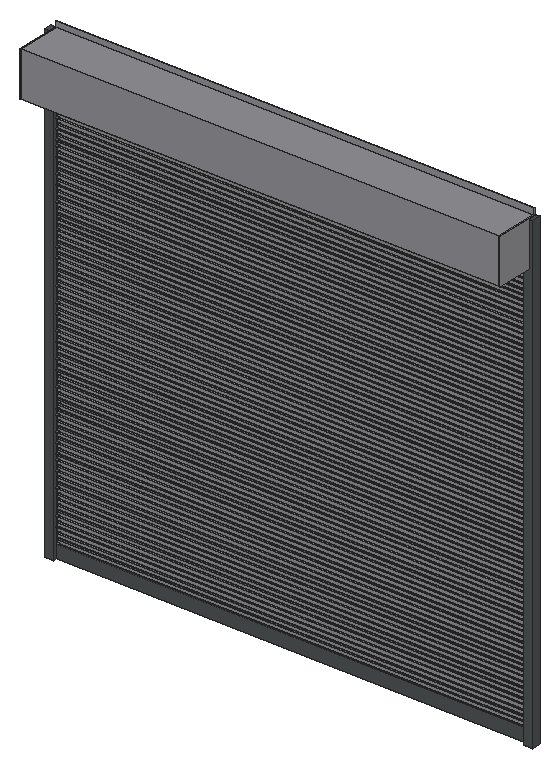
Revit family "Counter-Doors_OHD_Model-650_compact", category Specialty Equipment, host Wall, Revit 2023 (continued)
Definition of nested family "Motor"
  Forms (in)
    Extrusion 1, solid, material <- "Main Material", visible <- "Wall Mount"
      sketch origin (0, 0, 18.8898) x (1, 0, 0) y (0, 1, 0)
        loop
          line (-4.134, -2.41307) -> (4.116, -2.41307) -> (4.116, -2.29347) -> (3.108, -2.29347)
          arc (3.108, -2.29347) -> (3.02315, -2.25832) -> (2.988, -2.17347) r 0.12
          line (2.988, -2.17347) -> (2.988, 4.96193) -> (-2.988, 4.96193) -> (-2.988, -2.17347)
          arc (-2.988, -2.17347) -> (-3.02315, -2.25832) -> (-3.108, -2.29347) r 0.12
          line (-3.108, -2.29347) -> (-4.134, -2.29347) -> (-4.134, -2.41307)
      from -16.64 to 0
    Extrusion 2, solid, material <- "Main Material", visible <- "Wall Mount"
      sketch origin (0, 0, 18.8898) x (1, 0, 0) y (0, 1, 0)
        loop
          line (-4.134, -2.41307) -> (-4.134, -5.05565) -> (-4.3324, -5.05565) -> (-4.3324, -5.3122)
          arc (-4.3324, -5.3122) -> (-4.24466, -5.55085) -> (-4.02324, -5.67585) r 0.36846
          arc (-4.02324, -5.67585) -> (0, -6.0017) -> (4.02324, -5.67585) r 25
          arc (4.02324, -5.67585) -> (4.24466, -5.55085) -> (4.3324, -5.3122) r 0.36846
          line (4.3324, -5.3122) -> (4.3324, -5.05565) -> (4.116, -5.05565) -> (4.116, -2.41307) -> (-4.134, -2.41307)
      from -17 to 0.35839
    Revolve 3, solid, material <- "Main Material", visible <- "Wall Mount RSX"
      sketch origin (2.0828, 5.66524, 0) x (0, -1, 0) y (1, 0, 0)
        loop
          line (5.66524, -9.0813) -> (5.66524, 3.1162) -> (4.82413, 3.1162) -> (4.82413, 2.7162) -> (4.39283, 2.7162) -> (4.39283, 2.4872) -> (2.50257, 2.4872) -> (2.50257, -6.6585) -> (3.79863, -6.6585) -> (3.79863, -7.51105) -> (3.89778, -7.6102) -> (5.36033, -7.6102) -> (5.36033, -7.8313) -> (4.69783, -7.8313) -> (4.69783, -9.0813) -> (5.66524, -9.0813)
        axis (5.66524, -9.0813) -> (5.66524, 3.1162)
      angle from 0 to 360
    Extrusion 4, solid, material <- "Main Material", visible <- "Wall Mount"
      sketch origin (0, 0, 18.8898) x (1, 0, 0) y (0, 1, 0)
        loop
          line (-2.988, 5.08193) -> (-4.988, 5.08193) -> (-4.988, 4.96193) -> (-3.108, 4.96193) -> (-3.108, 1.46193) -> (-2.988, 1.46193) -> (-2.988, 5.08193)
        loop
          line (2.988, 5.08193) -> (2.988, 1.46193) -> (3.108, 1.46193) -> (3.108, 4.96193) -> (4.988, 4.96193) -> (4.988, 5.08193) -> (2.988, 5.08193)
      from -16.64 to 1.14
    Extrusion 5, solid, material <- "Main Material", visible <- "Wall Mount"
      sketch origin (0, 0.00141, 3.59957) x (0, 0, 1) y (0, -1, 0)
        loop
          circle (2.15043, 0.00141) r 3
      from 7.52 to 7.2495
    Sweep 6, solid, material <- "Main Material", visible <- "Wall Mount"
      path origin (7.38475, 9.53, 48) x (0, 1, 0) y (0, 0, 1)
        loop
          line (-12.53, -42.25) -> (-12.53, -128)
          arc (-12.53, -128) -> (-9.53, -131) -> (-6.53, -128) r 3
          line (-6.53, -128) -> (-6.53, -42.25)
      profile origin (7.38475, -3, -37.125) x (1, 0, 0) y (0, 1, 0)
        loop
          circle (0, 0.1) r 0.1
    Extrusion 7, solid, material <- "Main Material", visible <- "Wall Mount"
      sketch origin (0, 0.00141, 3.59957) x (0, 0, 1) y (0, -1, 0)
        loop
          circle (2.15043, 0.00141) r 0.4
      from 8.82 to 0
    Extrusion 8, solid, material <- "Hood Material", visible <- "CDX"
      sketch origin (2.988, 0, 5.75) x (0, -1, 0) y (1, 0, 0)
        loop
          line (12, -10.57168) -> (12, 2.55332) -> (-4.7, 2.55332) -> (-4.7, 0.0015) -> (2, 0.0015) -> (2, -10.57168) -> (12, -10.57168)
      from 4.88 to -4.88
    Extrusion 9, solid, material <- "Main Material", visible <- "Crank"
      sketch origin (2.9895, 5.75, 5.75) x (0, 0, -1) y (0, -1, 0)
        loop
          line (-1.66535, -2.15748) -> (1.66535, -2.15748)
          arc (1.66535, -2.15748) -> (2.01891, -2.01103) -> (2.16535, -1.65748) r 0.5
          line (2.16535, -1.65748) -> (2.16535, 0.00787)
          arc (2.16535, 0.00787) -> (1.99476, 0.85032) -> (1.50984, 1.56001) r 2.16535
          line (1.50984, 1.56001) -> (1.50984, 2.29685)
          arc (1.50984, 2.29685) -> (1.43662, 2.47363) -> (1.25984, 2.54685) r 0.25
          line (1.25984, 2.54685) -> (0.24999, 3.12987)
          arc (0.24999, 3.12987) -> (0, 3.19685) -> (-0.24999, 3.12987) r 0.5
          line (-0.24999, 3.12987) -> (-1.25984, 2.54685)
          arc (-1.25984, 2.54685) -> (-1.43662, 2.47363) -> (-1.50984, 2.29685) r 0.25
          line (-1.50984, 2.29685) -> (-1.50984, 1.56001)
          arc (-1.50984, 1.56001) -> (-1.99476, 0.85032) -> (-2.16535, 0.00787) r 2.16535
          line (-2.16535, 0.00787) -> (-2.16535, -1.65748)
          arc (-2.16535, -1.65748) -> (-2.01891, -2.01103) -> (-1.66535, -2.15748) r 0.5
      from 0 to -0.5
    Extrusion 10, solid, material <- "Main Material", visible <- "Crank"
      sketch origin (2.9895, 5.75, 5.75) x (0, 0, -1) y (0, -1, 0)
        loop
          line (1.50984, 1.56001) -> (1.50984, 2.29685)
          arc (1.50984, 2.29685) -> (1.43662, 2.47363) -> (1.25984, 2.54685) r 0.25
          line (1.25984, 2.54685) -> (-1.25984, 2.54685)
          arc (-1.25984, 2.54685) -> (-1.43662, 2.47363) -> (-1.50984, 2.29685) r 0.25
          line (-1.50984, 2.29685) -> (-1.50984, 1.56001)
          arc (-1.50984, 1.56001) -> (0, -2.15748) -> (1.50984, 1.56001) r 2.16535
      from 0 to -2
    Extrusion 11, solid, material <- "Main Material", visible <- "Crank"
      sketch origin (2.9895, 4.76161, 5.75) x (0, 1, 0) y (-1, 0, 0)
        loop
          circle (-0.94004, -1.01792) r 0.24
      from 1.5 to -10.5
    Extrusion 12, solid, material <- "Main Material", visible <- "Crank"
      sketch origin (2.9895, 5.75, 5.75) x (0, 1, 0) y (0, 0, -1)
        loop
          line (-2.04434, 10.46875) -> (-1.81142, 10.46875)
          arc (-1.81142, 10.46875) -> (-1.63464, 10.54197) -> (-1.56142, 10.71875) r 0.25
          line (-1.56142, 10.71875) -> (-1.56142, 11.53125)
          arc (-1.56142, 11.53125) -> (-1.63464, 11.70803) -> (-1.81142, 11.78125) r 0.25
          line (-1.81142, 11.78125) -> (-2.04434, 11.78125)
          arc (-2.04434, 11.78125) -> (-2.22112, 11.70803) -> (-2.29434, 11.53125) r 0.25
          line (-2.29434, 11.53125) -> (-2.29434, 10.71875)
          arc (-2.29434, 10.71875) -> (-2.22112, 10.54197) -> (-2.04434, 10.46875) r 0.25
      from -1.26284 to -0.77978
    Extrusion 13, solid, not visible
      sketch origin (2.9895, -24.70572, 48) x (0, -1, 0) y (0, 0, 1)
        loop
          circle (-30.45572, -42.25) r 0.5
      from 0.5 to 0 <- "Connector MP"
  Cuts and joins
    joined: Extrusion 9, Extrusion 10, Extrusion 11
  Lines and regions (in)
    Masking region 1, visible <- "CDX"
      outline origin (0, 0, 0) x (1, 0, 0) y (0, 1, 0)
        loop
          line (-7.58368, -2) -> (-7.58368, -12) -> (5.54132, -12) -> (5.54132, 4.7) -> (2.9895, 4.7) -> (2.9895, -2) -> (-7.58368, -2)
    Masking region 2, visible <- "Crank"
      outline origin (2.9895, 5.75, 5.75) x (0, 1, 0) y (-1, 0, 0)
        loop
          line (2.15748, 0) -> (-3.1963, 0) -> (-3.1963, -0.5) -> (-2.54685, -0.5) -> (-2.54685, -2) -> (2.15748, -2) -> (2.15748, 0)
    reference lines
      curve 1: line (0, 0, 0) -> (0, 0, 18.8898)
      curve 2: line (2.9895, 5.75, 5.75) -> (2.9895, 6.5, 5.75)
    symbolic lines, visible <- "Crank"
      curve 3: line (2.9895, 4.18999, 5.75) -> (4.9895, 4.18999, 5.75)
      curve 4: line (2.9895, 3.20315, 5.75) -> (3.4895, 3.20315, 5.75)
  Dimensions and locks (in)
    Extrusion 4 sketch curve to Extrusion 4 sketch curve = 3.62"
    locked: Extrusion 4 sketch curve to Extrusion 4 sketch curve at 0.12  (x3)
    "Chain H Offset": plane 4 to plane 5
    locked: plane 7 to plane 6 at 30
    locked: Sweep 6 sketch curve to profile plane at 0
    locked: profile plane to Sweep 6 sketch curve at 0.1
    locked: Sweep 6 sketch curve to Sweep 6 sketch curve at 6
    "Floor To Cl Shaft": plane 8 to plane 6
    "Horizontal Mount": plane 1 "Center (Front/Back)" to plane 11
    "Top Option Offset": level to plane 12
    "Chain V Offset": plane 9 "Chain Hoist" to plane 12
    equal spacing: Sweep 6 sketch curve, plane 5, Sweep 6 sketch curve
    "Vertical Mount": plane 10 "Top Of Hood" to plane 12
    locked: Extrusion 2 sketch curve to Extrusion 2 sketch curve at 8.25
    locked: Extrusion 2 sketch curve to Extrusion 2 sketch curve at 2.64258
    locked: plane 3 "Center (Left/Right)" to plane 14 at 7.2495
    "Hood Mount": plane 13 "Hood Face" to plane 14
    "Hood Width Real": plane 11 to plane 15
    "Real Exterior Wall Offset": plane 15 to plane 16 "Wall"
    Revolve 3 sketch curve to Revolve 3 sketch curve to Revolve 3 sketch curve to Revolve 3 sketch curve to Revolve 3 sketch curve to Revolve 3 sketch curve to Revolve 3 sketch curve = 1 1/4" locked, 0.2211" locked, 0.9517" locked, 9.1457" locked, 0.229" locked, 0.4" locked
    Revolve 3 sketch curve to Revolve 3 sketch curve to Revolve 3 sketch curve to Revolve 3 sketch curve to Revolve 3 sketch curve to Revolve 3 sketch curve to Revolve 3 sketch curve to Revolve 3 sketch curve = 0.30491" locked, 0.53619" locked, 0.12631" locked, 0.305" locked, 0.49505" locked, 0.09915" locked, 1.29606" locked
    locked: Extrusion 1 sketch curve to Extrusion 1 sketch curve at 0.1196
    locked: Extrusion 1 sketch curve to Extrusion 1 sketch curve at 5.976
    equal spacing: Extrusion 1 sketch curve, curve 1, Extrusion 1 sketch curve
    locked: curve 1 to Extrusion 1 sketch curve at 2.41307
    locked: Extrusion 1 sketch curve to Extrusion 1 sketch curve at 7.375
    equal spacing: Extrusion 4 sketch curve, curve 1, Extrusion 4 sketch curve
    locked: Extrusion 4 sketch curve to curve 1 at 1.46193
    locked: Revolve 3 sketch curve to plane 3 "Center (Left/Right)" at 4.5757
    locked: Extrusion 4 sketch curve to Extrusion 4 sketch curve at 5.976
    locked: Extrusion 4 sketch curve to Extrusion 4 sketch curve at 2
    locked: Extrusion 4 sketch curve to Extrusion 4 sketch curve at 1.88
    locked: Extrusion 1 sketch curve to Extrusion 1 sketch curve at 1.128
    locked: Extrusion 1 sketch curve to Extrusion 1 sketch curve at 1.146
    locked: curve 1 to Extrusion 2 sketch curve at 2.41307
    locked: Extrusion 8 sketch curve to Extrusion 8 sketch curve at 13.125
    locked: Extrusion 8 sketch curve to Extrusion 8 sketch curve at 2.55182
    locked: Extrusion 8 sketch curve to Extrusion 8 sketch curve at 16.7
    locked: Extrusion 8 sketch curve to curve 1 at 2
    locked: Extrusion 8 sketch curve to Extrusion 8 sketch curve at 10
    equal spacing: plane 1 "Center (Front/Back)", plane 17, plane 15
    "Hood Height": plane 10 "Top Of Hood" to plane 18
    equal spacing: plane 10 "Top Of Hood", plane 19, plane 18
    locked: curve 2 to curve 2 at 0.75
    "Connector VP": plane 10 "Top Of Hood" to Extrusion 13 sketch curve
    "Connector HP": Extrusion 13 sketch curve to plane 16 "Wall"
    radius of Extrusion 5 sketch curve = 3"
    radius of Sweep 6 sketch curve = 3"
    radius of Sweep 6 sketch curve = 0.1"
    radius of Extrusion 7 sketch curve = 0.4"
    radius of Extrusion 2 sketch curve = 0.36846"  (x2)
    radius of Extrusion 1 sketch curve = 0.12"  (x2)
    radius of Extrusion 2 sketch curve = 25"
    "Angle": angle curve 1 to plane 1 "Center (Front/Back)"
    angle Extrusion 2 sketch curve to Extrusion 2 sketch curve = 90.00°
    locked: Extrusion 2 sketch curve to Extrusion 2 sketch curve (angle 90.00°)
    aligned and locked: plane 2 to level
    aligned and locked: Revolve 3 sketch curve to Revolve 3 sketch curve
    aligned and locked: plane 1 "Center (Front/Back)" to curve 1
    aligned and locked: level to curve 1
    aligned and locked: plane 1 "Center (Front/Back)" to plane 4
    aligned and locked: Extrusion 4 sketch curve to Extrusion 4 sketch curve  (x3)
    aligned and locked: plane 7 to Sweep 6 sketch curve  (x2)
    aligned and locked: plane 8 to Sweep 6 sketch curve  (x2)
    aligned and locked: plane 5 to Extrusion 5 sketch curve
    aligned and locked: plane 9 "Chain Hoist" to Extrusion 5 sketch curve
    aligned and locked: plane 5 to Extrusion 7 sketch curve
    aligned and locked: plane 9 "Chain Hoist" to Extrusion 7 sketch curve
    aligned and locked: plane 8 to plane 9 "Chain Hoist"
    aligned and locked: Extrusion 2 sketch curve to Extrusion 2 sketch curve
    aligned and locked: Extrusion 1 sketch curve to Extrusion 1 sketch curve
    aligned and locked: plane 4 to nested 1
    aligned and locked: plane 3 "Center (Left/Right)" to nested 1
    aligned and locked: Masking region 1 sketch curve to Extrusion 8  (x6)
    aligned and locked: Extrusion 8 sketch curve to plane 13 "Hood Face"
    aligned and locked: plane 17 to curve 2
    aligned and locked: curve 2 to plane 19
  Automatic sketch dimensions
    plane 1 "Center (Front/Back)" to Revolve 3 sketch curve = 0"
    Revolve 3 sketch curve to Revolve 3 sketch curve = 0.09915"
    Revolve 3 sketch curve to Revolve 3 sketch curve = 4.7892"
    Revolve 3 sketch curve to plane 14 = 1.9628"
    Extrusion 2 sketch curve to plane 3 "Center (Left/Right)" = 0"
    Extrusion 2 sketch curve to Extrusion 2 sketch curve = 0.1984"
    Extrusion 2 sketch curve to Extrusion 2 sketch curve = 0.15206"
    Extrusion 2 sketch curve to Extrusion 2 sketch curve = 0.25654"
    Extrusion 2 sketch curve to Extrusion 2 sketch curve = 0"  (x2)
    Extrusion 2 sketch curve to Extrusion 2 sketch curve = 0.0593"
    Extrusion 9 sketch curve to Extrusion 9 sketch curve = 0"  (x2)
    curve 2 to Extrusion 9 sketch curve = 0"  (x2)
    curve 2 to Extrusion 9 sketch curve = 1/4"
    Extrusion 9 sketch curve to Extrusion 9 sketch curve = 1.00985"  (x2)
    Extrusion 9 sketch curve to Extrusion 9 sketch curve = 1/4"  (x2)
    Extrusion 9 sketch curve to curve 2 = 1.66535"
    Extrusion 9 sketch curve to Extrusion 9 sketch curve = 1/2"
    Extrusion 9 sketch curve to curve 2 = 1/4"
    curve 2 to Extrusion 9 sketch curve = 1.66535"
    curve 2 to Extrusion 9 sketch curve = 2.16535"
    Extrusion 9 sketch curve to curve 2 = 1.40748"
    curve 2 to Extrusion 9 sketch curve = 0.00787"
    Extrusion 9 sketch curve to Extrusion 9 sketch curve = 0.73684"  (x2)
    Extrusion 9 sketch curve to Extrusion 9 sketch curve = 0.15"
    Extrusion 9 sketch curve to Extrusion 9 sketch curve = 0.43302"
    curve 2 to Extrusion 10 sketch curve = 0"
    curve 2 to Extrusion 10 sketch curve = 1.25984"
    Extrusion 10 sketch curve to Extrusion 10 sketch curve = 1/4"  (x2)
    Extrusion 10 sketch curve to curve 2 = 1.25984"
    curve 2 to Extrusion 10 sketch curve = 0.00787"
    curve 2 to Extrusion 10 sketch curve = 1.56001"
    Extrusion 10 sketch curve to Extrusion 10 sketch curve = 0.73684"
    Extrusion 10 sketch curve to Extrusion 10 sketch curve = 0"
    Extrusion 11 sketch curve to curve 2 = 1.92843"
    Extrusion 11 sketch curve to curve 2 = 1.01792"
    Extrusion 12 sketch curve to curve 2 = 2.29434"
    Extrusion 12 sketch curve to Extrusion 12 sketch curve = 1/4"  (x3)
    Extrusion 12 sketch curve to Extrusion 12 sketch curve = 0.23293"  (x2)
    curve 2 to Extrusion 12 sketch curve = 10 15/32"
    Extrusion 12 sketch curve to Extrusion 12 sketch curve = 13/16"
    Masking region 2 sketch curve to curve 2 = 0"
    Masking region 2 sketch curve to curve 2 = 2.54685"
    curve 2 to Masking region 2 sketch curve = 1.40748"
    curve 2 to Masking region 2 sketch curve = 1/2"
    Masking region 2 sketch curve to Masking region 2 sketch curve = 0.64945"
    Masking region 2 sketch curve to Masking region 2 sketch curve = 1 1/2"
    curve 4 to curve 2 = 0"
    curve 3 to curve 2 = 0"
    curve 4 to curve 2 = 2.54685"
    curve 3 to curve 2 = 1.56001"
    curve 2 to curve 4 = 1/2"
    curve 3 to curve 2 = 2"
    radius of Extrusion 11 sketch curve = 0.24"
    radius of Extrusion 13 sketch curve = 1/2"
  Nested families (in)
    nested 1: "2D_NotScalableMain_29e791da-3db9-4234-ab15-44456784202b" at (0, 0, 0), type "Default"
      with Wall Mount RMX no, Wall Mount no
  Definition of nested family "2D_NotScalableMain_29e791da-3db9-4234-ab15-44456784202b"
    Parameters (values of type "Default")
      Wall Mount RMX = yes
      Wall Mount RSX = no
      Wall Mount = yes
    Reference planes (in)
      plane 1 "Center (Front/Back)": y = 0
      plane 2: z = 0
      plane 3 "Center (Left/Right)": x = 0
    Lines and regions (in)
      Masking region 1, in view "Ref. Level", visible <- "Wall Mount RSX"
        outline origin (0, 0, 0) x (1, 0, 0) y (0, 1, 0)
          loop
            line (-6.9985, -0.96741) -> (-5.7485, -0.96741) -> (-5.7485, -0.30491) -> (-5.5274, -0.30491) -> (-5.5274, -1.76746) -> (-5.42825, -1.86661) -> (-4.5757, -1.86661) -> (-4.5757, -3.22517) -> (-4.134, -3.22517) -> (-4.134, -5.05565) -> (-4.3324, -5.05565) -> (-4.3324, -5.3122)
            arc (-4.3324, -5.3122) -> (-4.24466, -5.55085) -> (-4.02324, -5.67585) r 0.36846
            arc (-4.02324, -5.67585) -> (0, -6.0017) -> (4.02324, -5.67585) r 25
            arc (4.02324, -5.67585) -> (4.24466, -5.55085) -> (4.3324, -5.3122) r 0.36846
            line (4.3324, -5.3122) -> (4.3324, -5.05565) -> (4.116, -5.05565) -> (4.116, -3.22517) -> (4.57, -3.22517) -> (4.57, -1.27241) -> (4.799, -1.27241) -> (4.799, -0.84111) -> (5.199, -0.84111) -> (5.199, 0.77483) -> (7.2495, 0.77483) -> (7.2495, -1.81) -> (7.52, -1.81) -> (7.52, 0.79) -> (8.82, 0.79) -> (8.82, 1.59) -> (7.52, 1.59) -> (7.52, 4.19) -> (7.2495, 4.19) -> (7.2495, 1.59) -> (4.57, 1.59) -> (4.57, 3.22517) -> (3.108, 3.22517) -> (3.108, 4.96193) -> (4.988, 4.96193) -> (4.988, 5.08193) -> (2.988, 5.08193) -> (2.988, 4.96193) -> (-2.988, 4.96193) -> (-2.988, 5.08193) -> (-4.988, 5.08193) -> (-4.988, 4.96193) -> (-3.108, 4.96193) -> (-3.108, 3.22517) -> (-4.5757, 3.22517) -> (-4.5757, 1.86661) -> (-5.42825, 1.86661) -> (-5.5274, 1.76746) -> (-5.5274, 0.30491) -> (-5.7485, 0.30491) -> (-5.7485, 0.96741) -> (-6.9985, 0.96741) -> (-6.9985, -0.96741)
      Masking region 2, in view "Ref. Level", visible <- "Wall Mount"
        outline origin (0, 0, 0) x (1, 0, 0) y (0, 1, 0)
          loop
            line (-4.988, 4.96193) -> (-3.108, 4.96193) -> (-3.108, 1.46193) -> (-2.988, 1.46193) -> (-2.988, 5.08193) -> (-4.988, 5.08193) -> (-4.988, 4.96193)
          loop
            line (2.988, 1.46193) -> (3.108, 1.46193) -> (3.108, 4.96193) -> (4.988, 4.96193) -> (4.988, 5.08193) -> (2.988, 5.08193) -> (2.988, 1.46193)
      Masking region 3, in view "Ref. Level", visible <- "Wall Mount RMX"
        outline origin (0, 0, 0) x (1, 0, 0) y (0, 1, 0)
          loop
            line (-2.988, 4.96193) -> (-2.988, -2.17347)
            arc (-2.988, -2.17347) -> (-3.02315, -2.25832) -> (-3.108, -2.29347) r 0.12
            line (-3.108, -2.29347) -> (-4.134, -2.29347) -> (-4.134, -5.05565) -> (-4.3324, -5.05565) -> (-4.3324, -5.3122)
            arc (-4.3324, -5.3122) -> (-4.24466, -5.55085) -> (-4.02324, -5.67585) r 0.36846
            arc (-4.02324, -5.67585) -> (0, -6.0017) -> (4.02324, -5.67585) r 25
            arc (4.02324, -5.67585) -> (4.24466, -5.55085) -> (4.3324, -5.3122) r 0.36846
            line (4.3324, -5.3122) -> (4.3324, -5.05565) -> (4.116, -5.05565) -> (4.116, -2.29347) -> (3.108, -2.29347)
            arc (3.108, -2.29347) -> (3.02315, -2.25832) -> (2.988, -2.17347) r 0.12
            line (2.988, -2.17347) -> (2.988, 0.77483) -> (7.2495, 0.77483) -> (7.2495, -1.81) -> (7.52, -1.81) -> (7.52, 0.79) -> (8.82, 0.79) -> (8.82, 1.59) -> (7.52, 1.59) -> (7.52, 4.19) -> (7.2495, 4.19) -> (7.2495, 1.59) -> (3.108, 1.59) -> (3.108, 1.46193) -> (2.988, 1.46193) -> (2.988, 4.96193) -> (-2.988, 4.96193)
      reference lines, in view "Ref. Level"
        curve 1: line (0, 0, 0) -> (0, 0.125, 0)
        curve 2: line (0, 0, 0) -> (0.125, 0, 0)
      detail lines, in view "Ref. Level", visible <- "Wall Mount"
        curve 3: line (7.2495, 4.19, 0) -> (7.2495, -1.81, 0)
        curve 4: line (7.52, 4.19, 0) -> (7.52, -1.81, 0)
        curve 5: line (-4.134, -2.29347, 0) -> (-4.134, -5.05565, 0)
        curve 6: line (4.116, -2.29347, 0) -> (4.116, -5.05565, 0)
        curve 7: line (-4.134, -2.41307, 0) -> (4.116, -2.41307, 0)
        curve 8: line (4.116, -2.29347, 0) -> (3.108, -2.29347, 0)
        curve 9: line (2.988, -2.17347, 0) -> (2.988, 4.96193, 0)
        curve 10: line (2.988, 4.96193, 0) -> (-2.988, 4.96193, 0)
        curve 11: line (-2.988, 4.96193, 0) -> (-2.988, -2.17347, 0)
        curve 12: arc (-2.988, -2.17347, 0) -> (-3.02315, -2.25832, 0) -> (-3.108, -2.29347, 0) r 0.12
        curve 13: arc (3.108, -2.29347, 0) -> (3.02315, -2.25832, 0) -> (2.988, -2.17347, 0) r 0.12
        curve 21: line (-4.134, -2.29347, 0) -> (-3.108, -2.29347, 0)
      detail lines, in view "Ref. Level", not visible
        curve 14: line (4.57, -3.22517, 0) -> (4.57, 0.77483, 0)
        curve 15: line (4.799, -1.27241, 0) -> (4.799, 0.77483, 0)
      detail lines, in view "Ref. Level", visible <- "Wall Mount RSX"
        curve 16: line (5.199, -0.84111, 0) -> (5.199, 0.77483, 0)
        curve 17: line (-4.5757, -3.22517, 0) -> (-4.5757, 3.22517, 0)
        curve 18: line (-5.42825, -1.86661, 0) -> (-5.42825, 1.86661, 0)
        curve 19: line (-5.5274, 1.76746, 0) -> (-5.5274, -1.76746, 0)
        curve 20: line (-5.7485, -0.96741, 0) -> (-5.7485, 0.96741, 0)
        curve 22: line (5.199, 0.77483, 0) -> (2.988, 0.77483, 0)
        curve 23: line (4.57, 1.59, 0) -> (3.108, 1.59, 0)
        curve 24: line (-4.5757, -3.22517, 0) -> (-4.5757, 3.22517, 0)
        curve 25: line (-5.42825, 1.86661, 0) -> (-5.42825, -1.86661, 0)
        curve 26: line (-5.5274, 1.76746, 0) -> (-5.5274, -1.76746, 0)
        curve 27: line (-5.7485, -0.96741, 0) -> (-5.7485, 0.96741, 0)
        curve 28: line (4.57, 3.22517, 0) -> (4.57, 1.59, 0)
        curve 29: line (4.799, 0.77483, 0) -> (4.799, -1.22759, 0)
    Dimensions and locks (in)
      curve 1 to curve 1 = 1/8"
      curve 2 to curve 2 = 1/8"
      aligned and locked: plane 1 "Center (Front/Back)" to curve 1
      aligned and locked: plane 3 "Center (Left/Right)" to curve 1
      aligned and locked: plane 1 "Center (Front/Back)" to curve 2
Definition of nested family "Label Annotation 1"
  Parameters (values of type "Label Annotation 1-8")
    Label = "Area is too big. Please reduce Door Size."
  Reference planes (in)
    plane 1: y = 0
    plane 2: x = 0
  Text (in)
    label "Label" at (0.00375, -0.00345, 0), shows "Label"
Definition of nested family "Warning Sign"
  Parameters (values of type "Warning Sign")
    Warning Sign [instance] = no
    Default Elevation = 48"
  Reference planes (in)
    plane 1 "Center (Front/Back)": y = 0
    plane 2: z = 0
    plane 3 "Center (Left/Right)": x = 0
    plane 4: y = 0.5
    plane 5: y = -0.5
    plane 6: y = 1
    plane 7: y = 0.25
  Lines and regions (in)
    model lines
      curve 1: line (-2.26129, 1, 45.69444) -> (-26.3817, 1, 3.91667)
      curve 2: line (-25.25106, 1, 3.26389) -> (-1.13064, 1, 45.04167)
      curve 3: arc (2.26129, 1, 45.69444) -> (0, 1, 47) -> (-2.26129, 1, 45.69444) r 2.61111
      curve 4: arc (-1.13064, 1, 45.04167) -> (0, 1, 45.69444) -> (1.13064, 1, 45.04167) r 1.30556
      curve 5: line (1.13064, 1, 45.04167) -> (25.25106, 1, 3.26389)
      curve 6: line (26.3817, 1, 3.91667) -> (2.26129, 1, 45.69444)
      curve 7: arc (25.25106, 1, 3.26389) -> (25.25106, 1, 1.95833) -> (24.12041, 1, 1.30556) r 1.30556
      curve 8: arc (24.12041, 1, 0) -> (26.3817, 1, 1.30556) -> (26.3817, 1, 3.91667) r 2.61111
      curve 9: line (24.12041, 1, 1.30556) -> (-24.12041, 1, 1.30556)
      curve 10: line (-24.12041, 1, 0) -> (24.12041, 1, 0)
      curve 11: arc (-24.12041, 1, 1.30556) -> (-25.25106, 1, 1.95833) -> (-25.25106, 1, 3.26389) r 1.30556
      curve 12: arc (-26.3817, 1, 3.91667) -> (-26.3817, 1, 1.30556) -> (-24.12041, 1, 0) r 2.61111
      curve 13: arc (-2.29479, 1, 8.63537) -> (0, 1, 6.34057) -> (2.29479, 1, 8.63537) r 2.29479
      curve 14: arc (2.29479, 1, 8.63537) -> (0, 1, 10.93016) -> (-2.29479, 1, 8.63537) r 2.29479
      curve 15: arc (-1.6331, 1, 13.97069) -> (0.03439, 1, 12.53727) -> (1.69278, 1, 13.98121) r 1.68043
      curve 16: line (-3.77413, 1, 28.37873) -> (-1.6331, 1, 13.97069)
      curve 17: line (1.69278, 1, 13.98121) -> (3.73924, 1, 28.37873)
      curve 18: arc (3.73924, 1, 28.37873) -> (-0.01745, 1, 32.13541) -> (-3.77413, 1, 28.37873) r 3.75668
      curve 19: line (-2.26129, -0.5, 45.69444) -> (-26.3817, -0.5, 3.91667)
      curve 20: line (-25.25106, -0.5, 3.26389) -> (-1.13064, -0.5, 45.04167)
      curve 21: arc (2.26129, -0.5, 45.69444) -> (0, -0.5, 47) -> (-2.26129, -0.5, 45.69444) r 2.61111
      curve 22: arc (-1.13064, -0.5, 45.04167) -> (0, -0.5, 45.69444) -> (1.13064, -0.5, 45.04167) r 1.30556
      curve 23: line (1.13064, -0.5, 45.04167) -> (25.25106, -0.5, 3.26389)
      curve 24: line (26.3817, -0.5, 3.91667) -> (2.26129, -0.5, 45.69444)
      curve 25: arc (25.25106, -0.5, 3.26389) -> (25.25106, -0.5, 1.95833) -> (24.12041, -0.5, 1.30556) r 1.30556
      curve 26: arc (24.12041, -0.5, 0) -> (26.3817, -0.5, 1.30556) -> (26.3817, -0.5, 3.91667) r 2.61111
      curve 27: line (24.12041, -0.5, 1.30556) -> (-24.12041, -0.5, 1.30556)
      curve 28: line (-24.12041, -0.5, 0) -> (24.12041, -0.5, 0)
      curve 29: arc (-24.12041, -0.5, 1.30556) -> (-25.25106, -0.5, 1.95833) -> (-25.25106, -0.5, 3.26389) r 1.30556
      curve 30: arc (-26.3817, -0.5, 3.91667) -> (-26.3817, -0.5, 1.30556) -> (-24.12041, -0.5, 0) r 2.61111
      curve 31: arc (-2.29479, -0.5, 8.63537) -> (0, -0.5, 6.34057) -> (2.29479, -0.5, 8.63537) r 2.29479
      curve 32: arc (2.29479, -0.5, 8.63537) -> (0, -0.5, 10.93016) -> (-2.29479, -0.5, 8.63537) r 2.29479
      curve 33: arc (-1.6331, -0.5, 13.97069) -> (0.03439, -0.5, 12.53727) -> (1.69278, -0.5, 13.98121) r 1.68043
      curve 34: line (-3.77413, -0.5, 28.37873) -> (-1.6331, -0.5, 13.97069)
      curve 35: line (1.69278, -0.5, 13.98121) -> (3.73924, -0.5, 28.37873)
      curve 36: arc (3.73924, -0.5, 28.37873) -> (-0.01745, -0.5, 32.13541) -> (-3.77413, -0.5, 28.37873) r 3.75668
  Dimensions and locks (in)
    locked: plane 1 "Center (Front/Back)" to plane 4 at 0.5
    equal spacing: plane 1 "Center (Front/Back)", plane 7, plane 4
    locked: plane 4 to plane 6 at 0.5
    locked: plane 5 to plane 1 "Center (Front/Back)" at 0.5
    aligned and locked: plane 2 to level
  Automatic sketch dimensions
    curve 21 to curve 22 = 0"  (x2)
    curve 25 to curve 26 = 0"  (x2)
    curve 29 to curve 30 = 0"  (x2)
    curve 31 to curve 32 = 0"  (x2)
    curve 21 to plane 3 "Center (Left/Right)" = 0"
    curve 31 to plane 3 "Center (Left/Right)" = 0"
    curve 30 to level = 0"
    level to curve 27 = 1.30556"
    curve 26 to curve 27 = 1.30556"
    curve 29 to curve 27 = 1.30556"
    curve 23 to curve 25 = 0.65278"
    curve 20 to curve 29 = 0.65278"
    curve 24 to curve 23 = 0.65278"
    curve 19 to curve 20 = 0.65278"
    level to curve 32 = 8.63537"
    curve 34 to plane 3 "Center (Left/Right)" = 1.6331"
    curve 34 to curve 31 = 5.33532"
    plane 3 "Center (Left/Right)" to curve 35 = 1.69278"
    curve 35 to curve 34 = 0.01052"
    plane 3 "Center (Left/Right)" to curve 33 = 0.02908"
    curve 36 to plane 3 "Center (Left/Right)" = 0.01745"
    curve 36 to curve 33 = 14.16104"
    curve 22 to curve 36 = 16.01016"
    plane 3 "Center (Left/Right)" to curve 23 = 1.13064"
    curve 23 to curve 21 = 0.65278"
    curve 20 to plane 3 "Center (Left/Right)" = 1.13064"
    plane 3 "Center (Left/Right)" to curve 24 = 2.26129"
    curve 24 to curve 22 = 0.65278"
    curve 19 to plane 3 "Center (Left/Right)" = 2.26129"
    curve 34 to curve 36 = 3.75668"
    curve 30 to plane 3 "Center (Left/Right)" = 24.12041"
    plane 3 "Center (Left/Right)" to curve 25 = 24.12041"
    curve 31 to curve 31 = 2.29479"
    curve 3 to curve 4 = 0"  (x2)
    curve 7 to curve 8 = 0"  (x2)
    curve 11 to curve 12 = 0"  (x2)
    curve 13 to curve 14 = 0"  (x2)
    curve 3 to plane 3 "Center (Left/Right)" = 0"
    curve 13 to plane 3 "Center (Left/Right)" = 0"
    curve 12 to level = 0"
    level to curve 9 = 1.30556"
    curve 8 to curve 9 = 1.30556"
    curve 11 to curve 9 = 1.30556"
    curve 5 to curve 7 = 0.65278"
    curve 2 to curve 11 = 0.65278"
    curve 6 to curve 5 = 0.65278"
    curve 1 to curve 2 = 0.65278"
    level to curve 14 = 8.63537"
    curve 16 to plane 3 "Center (Left/Right)" = 1.6331"
    curve 16 to curve 13 = 5.33532"
    plane 3 "Center (Left/Right)" to curve 17 = 1.69278"
    curve 17 to curve 16 = 0.01052"
    plane 3 "Center (Left/Right)" to curve 15 = 0.02908"
    curve 18 to plane 3 "Center (Left/Right)" = 0.01745"
    curve 18 to curve 15 = 14.16104"
    curve 4 to curve 18 = 16.01016"
    plane 3 "Center (Left/Right)" to curve 5 = 1.13064"
    curve 5 to curve 3 = 0.65278"
    curve 2 to plane 3 "Center (Left/Right)" = 1.13064"
    plane 3 "Center (Left/Right)" to curve 6 = 2.26129"
    curve 6 to curve 4 = 0.65278"
    curve 1 to plane 3 "Center (Left/Right)" = 2.26129"
    curve 16 to curve 18 = 3.75668"
    curve 12 to plane 3 "Center (Left/Right)" = 24.12041"
    plane 3 "Center (Left/Right)" to curve 7 = 24.12041"
    curve 13 to curve 13 = 2.29479"
Types (9): name | Voltage | Operator Visibility | Number of Poles | Frequency | Electric Operator | Crank | Manual | Current | Connector Array | Apparent Load Phase 3 | Apparent Load Phase 2 | Apparent Load Phase 1
  115 volts, one phase, 60 Hz (110-120V range) | 115 V | yes | 1 | 60 Hz | yes | no | no | 20 A | 3 | 0 VA | 0 VA | 2300 VA
  ‏​Manual push-up | 0 V | no | 1 | 0 Hz | no | no | yes | 0 A | 2 | 0 VA | 0 VA | 0 VA
  230 volts, three phase, 60 Hz (208-245V range) | 230 V | yes | 3 | 60 Hz | yes | no | no | 20 A | 3 | 2655.81 VA | 2655.81 VA | 2655.81 VA
  230 volts, one phase, 60 Hz (208-245V range) | 230 V | yes | 1 | 60 Hz | yes | no | no | 20 A | 3 | 0 VA | 0 VA | 4600 VA
  460 volts, three phase, 60 Hz (456-495V range) | 460 V | yes | 3 | 60 Hz | yes | no | no | 20 A | 3 | 5311.62 VA | 5311.62 VA | 5311.62 VA
  208 volts, one phase, 60 Hz (190-207V range) | 208 V | yes | 1 | 60 Hz | yes | no | no | 20 A | 3 | 0 VA | 0 VA | 4160 VA
  208 volts, three phase, 60 Hz (190-207V range) | 208 V | yes | 3 | 60 Hz | yes | no | no | 20 A | 3 | 2401.78 VA | 2401.78 VA | 2401.78 VA
  575 volts, three phase, 60 Hz | 575 V | yes | 3 | 60 Hz | yes | no | no | 20 A | 3 | 6639.53 VA | 6639.53 VA | 6639.53 VA
  Manual crank | 0 V | yes | 1 | 0 Hz | no | yes | no | 0 A | 3 | 0 VA | 0 VA | 0 VA
